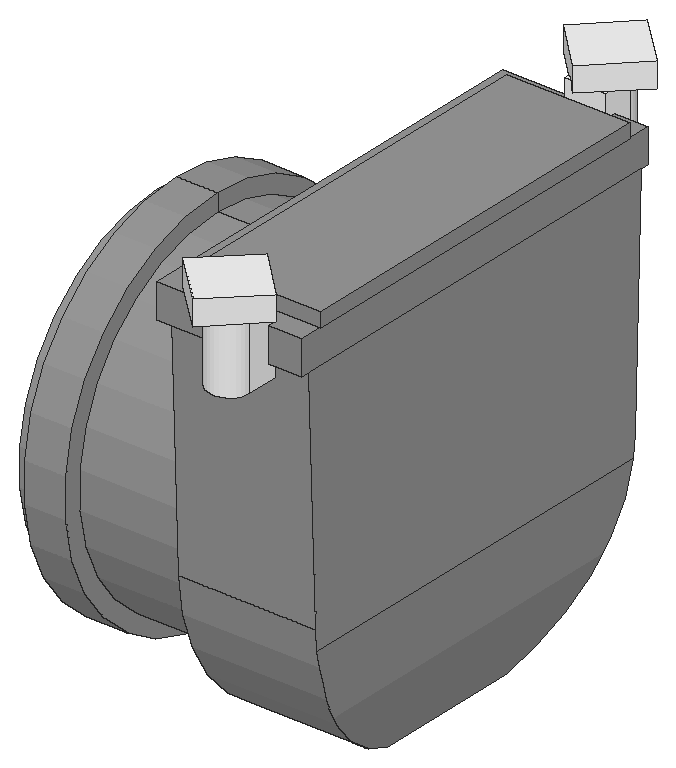
Revit family "HL_RU_Anti-flooding valve_HL715.0-A-171212", category Příslušenství trubek, Revit 2021
Family settings
  Kóta kulaté spojky = Použít průměr
  Typ dílu = Zakončení
  Číslo OmniClass = 23.65.55.14.21
  Nadpis OmniClass = Non-Return Valves for Liquid Services
  Založené na pracovní rovině = Ne
  Vždy vertikální = Ano
  Ořezat dutým tvarem při načtení = Ne
  Sdílené = Ne
Parameters
  РАЗМЕР = "DN160"
  ПРОПУСКНАЯ СПОСОБНОСТЬ [instance] = 0.0 m³/h
  ПРАВОВАЯ ИНФОРМАЦИЯ = "\"Copyright (©), design rights or any other intellectual property rights, shall be the exclusive property of HL Hutterer & Lechner GmbH. Modification is not allowed. Family has been watermarked.\""
  ПАДЕНИЕ ДАВЛЕНИЯ [instance] = 0.0 Pa
  НОМИНАЛЬНЫЙ ДИАМЕТР = 160 mm
  МАТЕРИАЛ = "ABS"
  ВЫСОТА МОНТАЖА = "244 mm"
  ВЕС = "1,43 kg"
  Výrobce = "HL Hutterer & Lechner GmbH"
  Výchozí výška = 0 mm
  URL = "http://www.hutterer-lechner.com/en/products/catalog/roof-drains/HL715.0.aspx"
  Description = "Anti flood valves"
  Model = "HL715.0"
  Type Comments = "anti-flood valve DN160 with stainless steel flap and socket for plastic pipes"
  Keynote = "HL715.0"
  EAN = "9003076971503"
  Cena = 0
Types (2, lengths in mm): name | ПРАВОВАЯ ИНФОРМАЦИЯ | URL | Description | Type Comments
  (no name) | "\"Copyright (©), design rights or any other intellectual property rights, shall be the exclusive property of HL Hutterer & Lechner GmbH. Modification is not allowed. Family has been watermarked.\"" | "http://www.hutterer-lechner.com/en/products/catalog/roof-drains/HL715.0.aspx" | "Anti flood valves" | "anti-flood valve DN160 with stainless steel flap and socket for plastic pipes"
  HL_Затвор_HL715.0 | "\"Авторские права(©), права на дизайн или какие либо другие права интелектуальной собственности являются исключительной собственностью компании HL Hutterer & Lechner. Изменению не подлежит. Файл семейства с данными о прозводителе изделия защищен паролем с водяным знаком.\"" | "http://www.hutterer-lechner.com/ru/products/catalog/roof-drains/HL715.0.aspx" | "Механический канализационный затвор" | "Затвор DN160 с заслонкой из нержавеющей стали и муфтой для труб из синтетического материала."
Reference planes
  plane 1 "Střed (vpředu/vzadu)": y = 0
  plane 2: z = 0
  plane 3 "Střed (vlevo/vpravo)": x = 0
Forms (mm)
  Sweep 1, solid, material "Plastic - Orange", detail levels fine
    path origin (44.2, 0, 126.9) x (-1, 0, 0) y (0, 0, 1)
      loop
        line (40.009, -23.5) -> (-27, -23.5)
    profile origin (37.696, 0, 103.4) x (0, 0, -1) y (0, 1, 0)
      loop
        line (0, 0) -> (0, -101.455) -> (114.412, -97.46)
        arc (114.412, -97.46) -> (179.079, -67.375) -> (202.479, 0) r 91.459
        arc (202.479, 0) -> (179.079, 67.375) -> (114.412, 97.46) r 91.459
        line (114.412, 97.46) -> (0, 101.455) -> (0, 0)
  Extrusion 2, void
    sketch origin (44.2, 0, 126.9) x (-1, 0, 0) y (0, 0, 1)
      loop
        line (-27, -148.262) -> (-27, -226.815) -> (-2, -226.815) -> (-2, -220.979) -> (-13.546, -220.979)
        arc (-13.546, -220.979) -> (-23.608, -185.238) -> (-27, -148.262) r 203.238
    from -110 to 110
  Extrusion 3, solid, material "Plactic - White", detail levels fine
    sketch origin (105.7, 0, 126.9) x (-1, 0, 0) y (0, -1, 0)
      loop
        line (71.5, -101.158) -> (51.5, -101.158) -> (51.5, -116.5)
        arc (51.5, -116.5) -> (61.5, -126.5) -> (71.5, -116.5) r 10
        line (71.5, -116.5) -> (71.5, -101.158)
    from -32 to 3.735
  Extrusion 4, solid, material "Plactic - White", detail levels fine
    sketch origin (105.7, 0, 130.635) x (-1, 0, 0) y (0, -1, 0)
      loop
        line (84.127, -116.5) -> (61.5, -93.873) -> (38.873, -116.5) -> (61.5, -139.127) -> (84.127, -116.5)
    from 0 to 12
  Extrusion 5, solid, material "Plactic - White", detail levels fine
    sketch origin (105.7, 0, 126.9) x (-1, 0, 0) y (0, -1, 0)
      loop
        line (71.5, 101.158) -> (71.5, 116.5)
        arc (71.5, 116.5) -> (61.5, 126.5) -> (51.5, 116.5) r 10
        line (51.5, 116.5) -> (51.5, 101.158) -> (71.5, 101.158)
    from -32 to 3.735
  Extrusion 6, solid, material "Plactic - White", detail levels fine
    sketch origin (105.7, 0, 130.635) x (-1, 0, 0) y (0, -1, 0)
      loop
        line (84.127, 116.5) -> (61.5, 139.127) -> (38.873, 116.5) -> (61.5, 93.873) -> (84.127, 116.5)
    from 0 to 12
  Extrusion 7, solid, material "Plastic - Orange", detail levels fine
    sketch origin (4.191, 0, 103.4) x (1, 0, 0) y (0, 1, 0)
      loop
        line (-4.191, -105.7) -> (67.009, -105.7) -> (67.009, 105.7) -> (-4.191, 105.7) -> (-4.191, -105.7)
    from 0 to 16.5
  Extrusion 8, solid, material "Plastic - Orange", detail levels fine
    sketch origin (4.191, 0, 119.9) x (1, 0, 0) y (0, 1, 0)
      loop
        line (7.009, 94.5) -> (7.009, -94.5) -> (67.009, -94.5) -> (67.009, 94.5) -> (7.009, 94.5)
    from 0 to 7
  Revolve 9, solid, material "Plastic - Orange", detail levels fine
    sketch origin (44.2, 0, 126.9) x (-1, 0, 0) y (0, 0, 1)
      loop
        line (128, -126.9) -> (128, -41.9) -> (119, -41.9) -> (119, -33.396) -> (99, -33.396) -> (99, -41.9) -> (40.009, -41.9) -> (40.009, -126.9) -> (128, -126.9)
      axis (128, -126.9) -> (40.009, -126.9)
    angle from 0 to 360
Cuts and joins
  Extrusion 2 cuts Sweep 1
Lines and regions (mm)
  model lines, style "Symbol", detail levels coarse+medium
    curve 1: line (0, 0, -105) -> (0, 0, 105)
    curve 2: line (0, 0, 0) -> (105, 0, 0)
    curve 3: circle (205, 0, 0) r 100 normal (0, -1, 0)
  symbolic lines, style "Symbol", detail levels coarse+medium
    curve 4: line (0, -105, 0) -> (0, 105, 0)
    curve 5: circle (205, -0.5, 0) r 100 normal (0, 0, 1)
    curve 6: line (0, 0, 0) -> (105.001, 0, 0)
Dimensions and locks
  aligned and locked: level to plane 2
Connectors
  piping at (0, 0, 0), diameter 160, driven by "ПАДЕНИЕ ДАВЛЕНИЯ", driven by "НОМИНАЛЬНЫЙ ДИАМЕТР", driven by "ПРОПУСКНАЯ СПОСОБНОСТЬ"
    settings: on plane 3 "Střed (vlevo/vpravo)", index 1, connector inside diameter 609.6 mm, connector length 0 mm, flow factor 0, pipe flow 0.0 m³/h, pressure drop 0.0 Pa, fitting loss kfactor 0, connector angle 0.00°, fixture units 0, engagement length 0 mm, angle of deflection 0.00°, flow configuration 0, flow direction 0, fitting loss method 4, system type 16, joint type 0, gender type 0, connector reference index -1, connector utility 0, adjustable connector no, is connector primary yes, connector description ""
